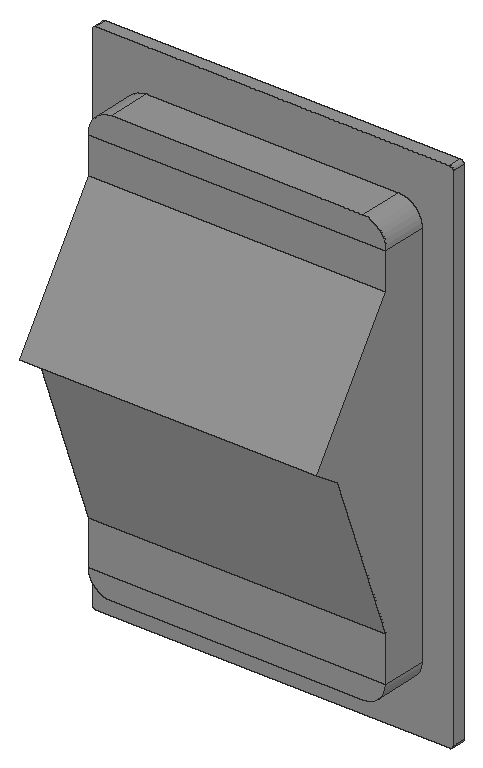
Revit family "L&L_LUCE&LIGHT_PASITO_MINI_1.1", category Lighting Fixtures, host Wall, Revit 2018 (continued)
Parameters (values of type "PASITO_MINI_1.1 – 60°")
    .69 7.70 10.01 \r\n12.89 16.72 21.08 26.29 33.01 40.59 48.41 55.57 60.54 \r\n64.26 67.62 70.80 73.95 77.25 80.47 83.46 86.51 89.68 \r\n92.64 95.45 98.31 101.04 103.60 106.25 108.59 111.04 \r\n113.36 115.34 117.24 119.10 120.81 122.32 123.56 124.68 \r\n125.69 126.55 127.21 127.63 127.96 127.94 127.75 127.50 \r\n127.07 126.49 125.70 124.71 123.59 122.31 120.85 119.20 \r\n117.35 115.26 112.91 110.29 107.41 104.21 100.68 96.76 \r\n92.48 87.88 82.91 77.58 72.09 66.58 61.17 55.99 51.18 \r\n46.81 42.85 39.34 36.27 33.60 31.26 29.21 27.41 25.83 \r\n24.43 23.19 22.09 21.10 20.20 19.38 18.61 17.87 17.18 \r\n16.53 15.93 15.37 14.86 14.39 13.96 13.56 13.18 12.84 \r\n12.53 12.24 11.96 11.72 11.50 11.29 11.09 10.91 10.74 \r\n10.58 10.42 10.21 9.94 9.65 9.38 9.13 8.92 8.74 8.56 8.39 \r\n8.20 7.98 7.78 7.60 7.42 7.25 7.05 6.85 6.66 6.47 6.29 \r\n6.07 5.90 5.72 5.53 5.35 5.15 4.97 4.80 4.62 4.43 4.26 \r\n4.07 3.90 3.73 3.55 3.38 3.22 3.06 2.89 2.73 2.58 2.43 \r\n2.28 2.13 1.99 1.86 1.73 1.59 1.46 1.33 1.22 1.11 1.00 \r\n0.89 0.78 0.68 0.58 0.49 0.40 0.31 0.23 0.15 0.07 0.02 \r\n0.02 \r\n0.01 0.08 0.54 1.22 1.58 2.09 3.12 4.48 6.29 8.49 11.12 \r\n14.63 18.91 23.85 30.31 38.10 46.23 54.34 60.48 64.66 \r\n68.37 71.94 75.40 79.11 82.69 86.09 89.65 93.26 96.62 \r\n99.78 103.04 106.34 109.51 112.40 115.19 118.14 120.89 \r\n123.34 125.74 127.96 129.97 131.92 133.54 134.84 136.03 \r\n137.13 138.02 138.60 138.97 139.31 139.37 139.10 138.83 \r\n138.40 137.69 136.87 135.87 134.69 133.36 131.84 130.08 \r\n128.08 125.83 123.32 120.46 117.24 113.64 109.62 105.14 \r\n100.18 94.71 88.89 82.89 76.80 70.71 64.82 59.20 53.96 \r\n49.25 45.04 41.30 38.01 35.14 32.63 30.44 28.52 26.84 \r\n25.36 24.04 22.88 21.83 20.88 20.01 19.21 18.46 17.74 \r\n17.06 16.44 15.87 15.35 14.87 14.43 14.02 13.65 13.30 \r\n12.98 12.69 12.41 12.16 11.93 11.72 11.52 11.35 11.17 \r\n11.00 10.83 10.68 10.48 10.19 9.90 9.65 9.41 9.16 8.97 \r\n8.78 8.58 8.41 8.19 7.98 7.79 7.59 7.42 7.21 7.00 6.83 \r\n6.62 6.42 6.21 6.02 5.83 5.63 5.45 5.24 5.06 4.86 4.68 \r\n4.49 4.30 4.13 3.93 3.74 3.58 3.40 3.22 3.05 2.88 2.72 \r\n2.56 2.41 2.26 2.10 1.96 1.82 1.68 1.54 1.40 1.28 1.16 \r\n1.05 0.93 0.82 0.71 0.61 0.51 0.41 0.32 0.24 0.16 0.08 \r\n0.02 0.02 \r\n0.01 0.08 0.58 1.28 1.61 2.21 3.33 4.79 6.75 9.14 12.14 \r\n16.07 20.69 26.38 33.86 42.32 50.92 58.82 63.91 67.94 \r\n71.90 75.61 79.55 83.57 87.32 91.24 95.22 98.92 102.40 \r\n106.00 109.76 113.26 116.72 120.13 123.31 126.38 129.18 \r\n131.86 134.40 136.60 138.68 140.60 142.24 143.54 144.69 \r\n145.65 146.36 146.79 146.98 147.00 146.85 146.46 145.90 \r\n145.16 144.26 143.20 142.02 140.72 139.22 137.55 135.67 \r\n133.56 131.21 128.64 125.63 122.19 118.41 114.14 109.43 \r\n104.23 98.48 92.27 85.90 79.52 73.08 66.98 61.34 55.94 \r\n51.00 46.61 42.73 39.32 36.33 33.70 31.42 29.43 27.67 \r\n26.11 24.72 23.50 22.40 21.41 20.52 19.69 18.90 18.15 \r\n17.46 16.84 16.25 15.72 15.24 14.79 14.38 14.01 13.66 \r\n13.34 13.03 12.75 12.50 12.27 12.05 11.86 11.67 11.49 \r\n11.33 11.16 10.99 10.83 10.62 10.31 10.01 9.78 9.53 9.29 \r\n9.12 8.91 8.70 8.52 8.30 8.08 7.91 7.68 7.50 7.29 7.07 \r\n6.91 6.68 6.47 6.27 6.05 5.87 5.65 5.47 5.26 5.07 4.87 \r\n4.67 4.50 4.29 4.10 3.92 3.71 3.53 3.37 3.18 3.01 2.84 \r\n2.67 2.51 2.35 2.19 2.04 1.90 1.75 1.60 1.46 1.33 1.21 \r\n1.08 0.96 0.85 0.73 0.63 0.53 0.43 0.34 0.25 0.16 0.08 \r\n0.02 0.02 \r\n0.01 0.08 0.60 1.32 1.62 2.30 3.49 5.03 7.10 9.63 12.92 \r\n17.09 22.01 28.41 36.51 45.51 54.42 61.54 66.30 70.53 \r\n74.59 78.55 82.94 87.09 91.15 95.48 99.57 103.31 107.30 \r\n111.39 115.10 119.02 122.86 126.22 129.53 132.65 135.56 \r\n138.40 140.80 142.97 145.10 146.79 148.09 149.31 150.15 \r\n150.65 151.00 151.08 150.94 150.55 150.01 149.24 148.32 \r\n147.25 146.04 144.70 143.28 141.71 139.95 138.17 136.17 \r\n133.84 131.46 128.82 125.71 122.26 118.50 114.29 109.47 \r\n104.42 98.89 92.69 86.26 80.09 74.02 67.91 62.23 56.76 \r\n51.81 47.56 43.62 40.15 37.12 34.47 32.12 30.05 28.23 \r\n26.62 25.20 23.94 22.81 21.79 20.87 20.02 19.21 18.43 \r\n17.72 17.09 16.51 15.96 15.47 15.03 14.62 14.24 13.88 \r\n13.56 13.26 12.99 12.74 12.50 12.28 12.07 11.89 11.72 \r\n11.56 11.39 11.22 11.06 10.90 10.64 10.33 10.04 9.81 9.55 \r\n9.33 9.16 8.92 8.72 8.55 8.30 8.11 7.92 7.67 7.50 7.27 \r\n7.07 6.89 6.64 6.46 6.23 6.03 5.83 5.62 5.42 5.20 5.01 \r\n4.82 4.62 4.42 4.23 4.02 3.86 3.63 3.46 3.29 3.10 2.93 \r\n2.75 2.59 2.42 2.25 2.10 1.95 1.80 1.65 1.50 1.37 1.24 \r\n1.11 0.99 0.87 0.75 0.65 0.54 0.44 0.35 0.25 0.17 0.09 \r\n0.02 0.02 \r\n0.01 0.08 0.61 1.36 1.62 2.34 3.58 5.15 7.30 9.92 13.41 \r\n17.70 22.86 29.79 38.15 47.47 56.28 63.09 67.91 72.24 \r\n76.34 80.71 85.33 89.55 93.95 98.45 102.53 106.73 111.17 \r\n115.20 119.14 123.14 126.87 130.55 134.02 137.12 140.05 \r\n142.75 145.03 147.12 148.92 150.35 151.48 152.23 152.71 \r\n152.83 152.78 152.44 151.79 150.97 149.95 148.78 147.42 \r\n146.04 144.49 142.78 141.01 139.22 137.33 135.32 133.17 \r\n130.91 128.53 125.76 122.74 119.56 115.79 111.80 107.35 \r\n102.32 97.12 91.49 85.68 79.67 73.61 67.89 62.19 57.07 \r\n52.14 47.89 43.98 40.63 37.50 34.77 32.42 30.39 28.55 \r\n26.90 25.47 24.18 23.03 22.00 21.06 20.20 19.38 18.61 \r\n17.91 17.24 16.63 16.10 15.61 15.16 14.75 14.37 14.02 \r\n13.69 13.39 13.11 12.86 12.63 12.41 12.20 12.02 11.84 \r\n11.69 11.52 11.35 11.20 11.05 10.83 10.53 10.23 9.98 9.74 \r\n9.47 9.30 9.10 8.85 8.67 8.46 8.22 8.07 7.81 7.61 7.44 \r\n7.18 7.00 6.77 6.56 6.36 6.13 5.94 5.72 5.53 5.31 5.10 \r\n4.91 4.71 4.51 4.31 4.11 3.92 3.73 3.52 3.35 3.17 2.98 \r\n2.81 2.63 2.47 2.30 2.13 1.99 1.83 1.67 1.53 1.39 1.25 \r\n1.13 1.00 0.88 0.76 0.66 0.55 0.45 0.35 0.26 0.17 0.09 \r\n0.02 0.02 \r\n0.01 0.07 0.61 1.37 1.61 2.34 3.61 5.15 7.35 10.00 13.56 \r\n17.85 23.13 30.27 38.68 48.30 56.88 63.91 68.76 73.04 \r\n77.30 81.95 86.66 90.90 95.58 100.07 104.38 108.87 113.38 \r\n117.57 121.60 125.60 129.47 133.30 136.84 139.95 142.83 \r\n145.49 147.73 149.64 151.14 152.34 153.09 153.50 153.58 \r\n153.37 152.85 152.03 151.03 149.87 148.29 146.75 145.09 \r\n143.35 141.44 139.58 137.72 135.72 133.76 131.71 129.65 \r\n127.45 125.00 122.38 119.63 116.52 112.94 109.19 104.84 \r\n100.28 95.45 89.79 84.38 78.94 72.98 67.29 62.11 56.91 \r\n52.31 47.94 44.20 40.79 37.69 35.03 32.70 30.56 28.71 \r\n27.04 25.56 24.25 23.09 22.05 21.12 20.26 19.44 18.68 \r\n17.96 17.30 16.73 16.20 15.69 15.22 14.81 14.42 14.06 \r\n13.75 13.45 13.17 12.91 12.68 12.47 12.26 12.08 11.90 \r\n11.74 11.57 11.41 11.26 11.11 10.92 10.65 10.34 10.07 \r\n9.83 9.57 9.35 9.18 8.93 8.73 8.55 8.30 8.12 7.93 7.67 \r\n7.50 7.27 7.06 6.86 6.61 6.44 6.20 5.99 5.79 5.57 5.37 \r\n5.15 4.97 4.75 4.58 4.35 4.16 3.95 3.75 3.57 3.37 3.20 \r\n3.02 2.83 2.65 2.48 2.32 2.14 2.00 1.84 1.68 1.53 1.40 \r\n1.26 1.13 1.01 0.89 0.77 0.67 0.56 0.45 0.36 0.26 0.17 \r\n0.09 0.02 0.02 \r\n0.01 0.07 0.60 1.38 1.59 2.30 3.58 5.06 7.25 9.87 13.39 \r\n17.59 22.85 29.92 38.17 48.02 56.36 64.00 68.91 73.06 \r\n77.53 82.27 87.08 91.29 96.10 100.56 105.23 109.61 114.22 \r\n118.77 122.65 127.01 130.67 134.63 138.33 141.58 144.51 \r\n147.34 149.81 151.75 153.30 154.55 155.28 155.78 155.84 \r\n155.59 154.99 154.15 152.98 151.73 150.17 148.42 146.67 \r\n144.85 142.81 140.85 138.90 136.77 134.63 132.73 130.51 \r\n128.17 126.04 123.42 120.72 117.63 114.37 110.54 106.89 \r\n102.33 97.32 92.27 86.94 81.13 75.20 70.13 64.53 59.58 \r\n54.69 50.20 46.36 42.67 39.78 36.84 34.40 32.25 30.21 \r\n28.39 26.89 25.52 23.07 22.39 21.40 20.55 19.69 18.92 \r\n18.17 17.56 16.89 16.35 15.86 15.38 14.97 14.52 14.16 \r\n13.86 13.55 13.26 13.03 12.78 12.57 12.36 12.19 12.00 \r\n11.84 11.69 11.52 11.36 11.22 11.03 10.72 10.39 10.15 \r\n9.92 9.62 9.43 9.28 8.99 8.82 8.61 8.34 8.19 7.93 7.73 \r\n7.56 7.29 7.10 6.89 6.64 6.50 6.21 6.04 5.79 5.61 5.38 \r\n5.17 4.99 4.77 4.60 4.38 4.16 3.98 3.73 3.59 3.37 3.21 \r\n3.03 2.83 2.65 2.48 2.33 2.15 2.00 1.85 1.69 1.53 1.41 \r\n1.27 1.14 1.01 0.89 0.77 0.67 0.56 0.45 0.36 0.26 0.17 \r\n0.09 0.02 0.02 \r\n0.01 0.07 0.61 1.37 1.61 2.34 3.61 5.15 7.35 10.00 13.56 \r\n17.85 23.13 30.27 38.68 48.30 56.88 63.91 68.76 73.04 \r\n77.30 81.95 86.66 90.90 95.58 100.07 104.38 108.87 113.38 \r\n117.57 121.60 125.60 129.47 133.30 136.84 139.95 142.83 \r\n145.49 147.73 149.64 151.14 152.34 153.09 153.50 153.58 \r\n153.37 152.85 152.03 151.03 149.87 148.29 146.75 145.09 \r\n143.35 141.44 139.58 137.72 135.72 133.76 131.71 129.65 \r\n127.45 125.00 122.38 119.63 116.52 112.94 109.19 104.84 \r\n100.28 95.45 89.79 84.38 78.94 72.98 67.29 62.11 56.91 \r\n52.31 47.94 44.20 40.79 37.69 35.03 32.70 30.56 28.71 \r\n27.04 25.56 24.25 23.09 22.05 21.12 20.26 19.44 18.68 \r\n17.96 17.30 16.73 16.20 15.69 15.22 14.81 14.42 14.06 \r\n13.75 13.45 13.17 12.91 12.68 12.47 12.26 12.08 11.90 \r\n11.74 11.57 11.41 11.26 11.11 10.92 10.65 10.34 10.07 \r\n9.83 9.57 9.35 9.18 8.93 8.73 8.55 8.30 8.12 7.93 7.67 \r\n7.50 7.27 7.06 6.86 6.61 6.44 6.20 5.99 5.79 5.57 5.37 \r\n5.15 4.97 4.75 4.58 4.35 4.16 3.95 3.75 3.57 3.37 3.20 \r\n3.02 2.83 2.65 2.48 2.32 2.14 2.00 1.84 1.68 1.53 1.40 \r\n1.26 1.13 1.01 0.89 0.77 0.67 0.56 0.45 0.36 0.26 0.17 \r\n0.09 0.02 0.02 \r\n0.01 0.08 0.61 1.36 1.62 2.34 3.58 5.15 7.30 9.92 13.41 \r\n17.70 22.86 29.79 38.15 47.47 56.28 63.09 67.91 72.24 \r\n76.34 80.71 85.33 89.55 93.95 98.45 102.53 106.73 111.17 \r\n115.20 119.14 123.14 126.87 130.55 134.02 137.12 140.05 \r\n142.75 145.03 147.12 148.92 150.35 151.48 152.23 152.71 \r\n152.83 152.78 152.44 151.79 150.97 149.95 148.78 147.42 \r\n146.04 144.49 142.78 141.01 139.22 137.33 135.32 133.17 \r\n130.91 128.53 125.76 122.74 119.56 115.79 111.80 107.35 \r\n102.32 97.12 91.49 85.68 79.67 73.61 67.89 62.19 57.07 \r\n52.14 47.89 43.98 40.63 37.50 34.77 32.42 30.39 28.55 \r\n26.90 25.47 24.18 23.03 22.00 21.06 20.20 19.38 18.61 \r\n17.91 17.24 16.63 16.10 15.61 15.16 14.75 14.37 14.02 \r\n13.69 13.39 13.11 12.86 12.63 12.41 12.20 12.02 11.84 \r\n11.69 11.52 11.35 11.20 11.05 10.83 10.53 10.23 9.98 9.74 \r\n9.47 9.30 9.10 8.85 8.67 8.46 8.22 8.07 7.81 7.61 7.44 \r\n7.18 7.00 6.77 6.56 6.36 6.13 5.94 5.72 5.53 5.31 5.10 \r\n4.91 4.71 4.51 4.31 4.11 3.92 3.73 3.52 3.35 3.17 2.98 \r\n2.81 2.63 2.47 2.30 2.13 1.99 1.83 1.67 1.53 1.39 1.25 \r\n1.13 1.00 0.88 0.76 0.66 0.55 0.45 0.35 0.26 0.17 0.09 \r\n0.02 0.02 \r\n0.01 0.08 0.60 1.32 1.62 2.30 3.49 5.03 7.10 9.63 12.92 \r\n17.09 22.01 28.41 36.51 45.51 54.42 61.54 66.30 70.53 \r\n74.59 78.55 82.94 87.09 91.15 95.48 99.57 103.31 107.30 \r\n111.39 115.10 119.02 122.86 126.22 129.53 132.65 135.56 \r\n138.40 140.80 142.97 145.10 146.79 148.09 149.31 150.15 \r\n150.65 151.00 151.08 150.94 150.55 150.01 149.24 148.32 \r\n147.25 146.04 144.70 143.28 141.71 139.95 138.17 136.17 \r\n133.84 131.46 128.82 125.71 122.26 118.50 114.29 109.47 \r\n104.42 98.89 92.69 86.26 80.09 74.02 67.91 62.23 56.76 \r\n51.81 47.56 43.62 40.15 37.12 34.47 32.12 30.05 28.23 \r\n26.62 25.20 23.94 22.81 21.79 20.87 20.02 19.21 18.43 \r\n17.72 17.09 16.51 15.96 15.47 15.03 14.62 14.24 13.88 \r\n13.56 13.26 12.99 12.74 12.50 12.28 12.07 11.89 11.72 \r\n11.56 11.39 11.22 11.06 10.90 10.64 10.33 10.04 9.81 9.55 \r\n9.33 9.16 8.92 8.72 8.55 8.30 8.11 7.92 7.67 7.50 7.27 \r\n7.07 6.89 6.64 6.46 6.23 6.03 5.83 5.62 5.42 5.20 5.01 \r\n4.82 4.62 4.42 4.23 4.02 3.86 3.63 3.46 3.29 3.10 2.93 \r\n2.75 2.59 2.42 2.25 2.10 1.95 1.80 1.65 1.50 1.37 1.24 \r\n1.11 0.99 0.87 0.75 0.65 0.54 0.44 0.35 0.25 0.17 0.09 \r\n0.02 0.02 \r\n0.01 0.08 0.58 1.28 1.61 2.21 3.33 4.79 6.75 9.14 12.14 \r\n16.07 20.69 26.38 33.86 42.32 50.92 58.82 63.91 67.94 \r\n71.90 75.61 79.55 83.57 87.32 91.24 95.22 98.92 102.40 \r\n106.00 109.76 113.26 116.72 120.13 123.31 126.38 129.18 \r\n131.86 134.40 136.60 138.68 140.60 142.24 143.54 144.69 \r\n145.65 146.36 146.79 146.98 147.00 146.85 146.46 145.90 \r\n145.16 144.26 143.20 142.02 140.72 139.22 137.55 135.67 \r\n133.56 131.21 128.64 125.63 122.19 118.41 114.14 109.43 \r\n104.23 98.48 92.27 85.90 79.52 73.08 66.98 61.34 55.94 \r\n51.00 46.61 42.73 39.32 36.33 33.70 31.42 29.43 27.67 \r\n26.11 24.72 23.50 22.40 21.41 20.52 19.69 18.90 18.15 \r\n17.46 16.84 16.25 15.72 15.24 14.79 14.38 14.01 13.66 \r\n13.34 13.03 12.75 12.50 12.27 12.05 11.86 11.67 11.49 \r\n11.33 11.16 10.99 10.83 10.62 10.31 10.01 9.78 9.53 9.29 \r\n9.12 8.91 8.70 8.52 8.30 8.08 7.91 7.68 7.50 7.29 7.07 \r\n6.91 6.68 6.47 6.27 6.05 5.87 5.65 5.47 5.26 5.07 4.87 \r\n4.67 4.50 4.29 4.10 3.92 3.71 3.53 3.37 3.18 3.01 2.84 \r\n2.67 2.51 2.35 2.19 2.04 1.90 1.75 1.60 1.46 1.33 1.21 \r\n1.08 0.96 0.85 0.73 0.63 0.53 0.43 0.34 0.25 0.16 0.08 \r\n0.02 0.02 \r\n0.01 0.08 0.54 1.22 1.58 2.09 3.12 4.48 6.29 8.49 11.12 \r\n14.63 18.91 23.85 30.31 38.10 46.23 54.34 60.48 64.66 \r\n68.37 71.94 75.40 79.11 82.69 86.09 89.65 93.26 96.62 \r\n99.78 103.04 106.34 109.51 112.40 115.19 118.14 120.89 \r\n123.34 125.74 127.96 129.97 131.92 133.54 134.84 136.03 \r\n137.13 138.02 138.60 138.97 139.31 139.37 139.10 138.83 \r\n138.40 137.69 136.87 135.87 134.69 133.36 131.84 130.08 \r\n128.08 125.83 123.32 120.46 117.24 113.64 109.62 105.14 \r\n100.18 94.71 88.89 82.89 76.80 70.71 64.82 59.20 53.96 \r\n49.25 45.04 41.30 38.01 35.14 32.63 30.44 28.52 26.84 \r\n25.36 24.04 22.88 21.83 20.88 20.01 19.21 18.46 17.74 \r\n17.06 16.44 15.87 15.35 14.87 14.43 14.02 13.65 13.30 \r\n12.98 12.69 12.41 12.16 11.93 11.72 11.52 11.35 11.17 \r\n11.00 10.83 10.68 10.48 10.19 9.90 9.65 9.41 9.16 8.97 \r\n8.78 8.58 8.41 8.19 7.98 7.79 7.59 7.42 7.21 7.00 6.83 \r\n6.62 6.42 6.21 6.02 5.83 5.63 5.45 5.24 5.06 4.86 4.68 \r\n4.49 4.30 4.13 3.93 3.74 3.58 3.40 3.22 3.05 2.88 2.72 \r\n2.56 2.41 2.26 2.10 1.96 1.82 1.68 1.54 1.40 1.28 1.16 \r\n1.05 0.93 0.82 0.71 0.61 0.51 0.41 0.32 0.24 0.16 0.08 \r\n0.02 0.02 \r\n0.01 0.08 0.50 1.16 1.54 1.97 2.87 4.07 5.69 7.70 10.01 \r\n12.89 16.72 21.08 26.29 33.01 40.59 48.41 55.57 60.54 \r\n64.26 67.62 70.80 73.95 77.25 80.47 83.46 86.51 89.68 \r\n92.64 95.45 98.31 101.04 103.60 106.25 108.59 111.04 \r\n113.36 115.34 117.24 119.10 120.81 122.32 123.56 124.68 \r\n125.69 126.55 127.21 127.63 127.96 127.94 127.75 127.50 \r\n127.07 126.49 125.70 124.71 123.59 122.31 120.85 119.20 \r\n117.35 115.26 112.91 110.29 107.41 104.21 100.68 96.76 \r\n92.48 87.88 82.91 77.58 72.09 66.58 61.17 55.99 51.18 \r\n46.81 42.85 39.34 36.27 33.60 31.26 29.21 27.41 25.83 \r\n24.43 23.19 22.09 21.10 20.20 19.38 18.61 17.87 17.18 \r\n16.53 15.93 15.37 14.86 14.39 13.96 13.56 13.18 12.84 \r\n12.53 12.24 11.96 11.72 11.50 11.29 11.09 10.91 10.74 \r\n10.58 10.42 10.21 9.94 9.65 9.38 9.13 8.92 8.74 8.56 8.39 \r\n8.20 7.98 7.78 7.60 7.42 7.25 7.05 6.85 6.66 6.47 6.29 \r\n6.07 5.90 5.72 5.53 5.35 5.15 4.97 4.80 4.62 4.43 4.26 \r\n4.07 3.90 3.73 3.55 3.38 3.22 3.06 2.89 2.73 2.58 2.43 \r\n2.28 2.13 1.99 1.86 1.73 1.59 1.46 1.33 1.22 1.11 1.00 \r\n0.89 0.78 0.68 0.58 0.49 0.40 0.31 0.23 0.15 0.07 0.02 \r\n0.02 \r\n0.01 0.08 0.44 1.08 1.49 1.82 2.59 3.64 5.00 6.78 8.83 \r\n11.15 14.24 18.03 22.33 27.65 34.06 41.17 48.59 55.00 \r\n59.49 62.83 65.79 68.61 71.33 74.09 76.91 79.51 82.09 \r\n84.72 87.14 89.45 91.83 94.16 96.20 98.14 100.17 102.06 \r\n103.86 105.52 107.04 108.36 109.48 110.62 111.60 112.30 \r\n112.89 113.43 113.72 113.83 113.72 113.49 113.23 112.79 \r\n112.15 111.32 110.35 109.23 107.95 106.52 104.96 103.25 \r\n101.39 99.35 97.10 94.65 91.98 89.07 85.89 82.42 78.66 \r\n74.62 70.30 65.79 61.18 56.55 52.04 47.77 43.82 40.27 \r\n37.11 34.32 31.86 29.70 27.81 26.16 24.69 23.39 22.23 \r\n21.18 20.24 19.40 18.62 17.89 17.18 16.51 15.88 15.29 \r\n14.75 14.24 13.79 13.36 12.96 12.59 12.25 11.94 11.66 \r\n11.40 11.16 10.94 10.74 10.55 10.37 10.21 10.04 9.81 9.55 \r\n9.26 9.00 8.76 8.57 8.41 8.26 8.07 7.87 7.67 7.49 7.33 \r\n7.18 6.99 6.78 6.60 6.43 6.26 6.07 5.89 5.71 5.54 5.36 \r\n5.18 5.01 4.84 4.66 4.48 4.31 4.14 3.98 3.81 3.63 3.48 \r\n3.32 3.17 3.01 2.85 2.71 2.56 2.41 2.27 2.14 2.00 1.88 \r\n1.74 1.61 1.48 1.36 1.25 1.15 1.04 0.93 0.83 0.73 0.64 \r\n0.55 0.46 0.37 0.29 0.21 0.14 0.06 0.02 0.02 \r\n0.01 0.08 0.38 0.97 1.43 1.70 2.29 3.18 4.29 5.73 7.55 \r\n9.52 11.82 14.84 18.45 22.56 27.60 33.40 39.87 46.73 \r\n52.80 57.39 60.47 62.96 65.37 67.74 69.93 72.13 74.37 \r\n76.40 78.50 80.51 82.32 84.08 85.82 87.46 88.92 90.35 \r\n91.74 93.06 94.25 95.21 96.05 96.90 97.57 98.06 98.46 \r\n98.68 98.77 98.76 98.60 98.25 97.82 97.30 96.60 95.78 \r\n94.79 93.65 92.50 91.24 89.82 88.26 86.51 84.67 82.73 \r\n80.64 78.45 76.16 73.69 71.00 68.10 65.00 61.70 58.22 \r\n54.61 50.94 47.31 43.80 40.49 37.44 34.67 32.19 30.00 \r\n28.06 26.33 24.81 23.45 22.25 21.17 20.19 19.30 18.50 \r\n17.75 17.05 16.38 15.73 15.12 14.55 14.02 13.53 13.08 \r\n12.65 12.26 11.91 11.57 11.26 10.97 10.71 10.47 10.26 \r\n10.07 9.89 9.72 9.52 9
